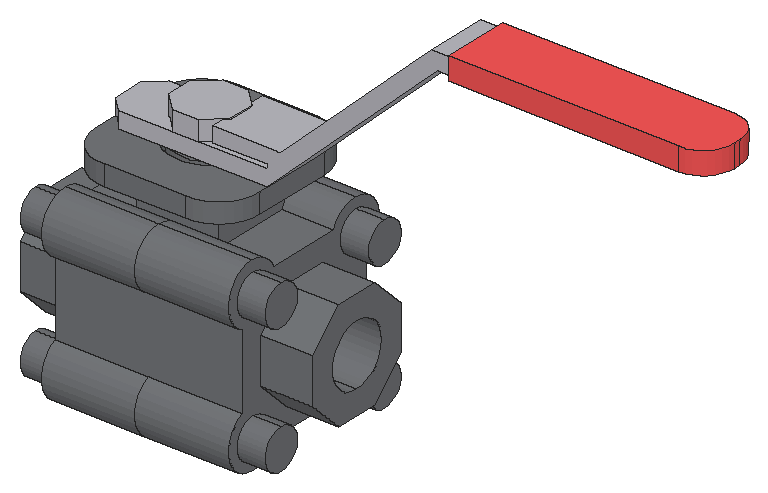
Revit family "321ACSW-Ball-Valve", category Pipe Accessories, Revit 2018
Family settings
  Round Connector Dimension = Use Diameter
  Part Type = Valve - Breaks Into
  OmniClass Number = 23.60.30.11.14
  OmniClass Title = Pipework Fittings
  Work Plane-Based = No
  Always vertical = Yes
  Cut with Voids When Loaded = No
  Shared = No
Parameters
  Z4 [instance] = size_lookup(LookupTable, "Z4", 0.000", Nominal Diameter)  # 0.800"
  Z3 [instance] = size_lookup(LookupTable, "Z3", 0.000", Nominal Diameter)  # 0.200"
  Weight [instance] = size_lookup(LookupTable, "Weight", "NA", Nominal Diameter)  # "2.29 lbs."
  URL = "http://www.fnw.com"
  Standards Lookup Table = "Standards"  # constant formula
  R3 [instance] = size_lookup(LookupTable, "R3", 0.000", Nominal Diameter)  # 0.91924"
  Product ID Handle [instance] = "NA"
  Product ID [instance] = size_lookup(LookupTable, "ProductID", "NA", Nominal Diameter)  # "4106228"
  Pipe Diameter [instance] = size_lookup(Standards Lookup Table, "copper", 0.000", Nominal Diameter)  # 0.625"
  Pins [instance] = Lm / 2  # 0.650"
  Pin Length [instance] = X2 * 4 + X3  # 2.4726"
  Pin Diameter [instance] = size_lookup(LookupTable, "m", 0.000", Nominal Diameter)  # 0.400"
  Pin Bung [instance] = Pin Diameter * 1.5  # 0.600"
  Part Number Handle [instance] = "NA"
  Part Number [instance] = size_lookup(LookupTable, "PartNumber", "NA", Nominal Diameter)  # "FNW321ACSWD"
  PIpe Radius [instance] = Pipe Diameter / 2  # 0.3125"
  Insert [instance] = size_lookup(LookupTable, "insert", 0.000", Nominal Diameter)  # 0.430"
  Manufacturer = "FNW"  # constant formula
  Lm [instance] = size_lookup(LookupTable, "lm", 0.000", Nominal Diameter)  # 1.300"
  Grip Pin4 [instance] = X3 / 2 + (X2 * 2)  # 1.2363"
  Gear [instance] = D3_Half - 0.063"  # 0.3495"
  Description BOM Handle [instance] = "NA"
  Description BOM [instance] = size_lookup(LookupTable, "Description_BOM", "NA", Nominal Diameter)  # "1/2 CS Stainless Steel 2000# 250# Steam Socket Weld 3 Piece"
  Z2 [instance] = size_lookup(LookupTable, "Z2", 0.000", Nominal Diameter)  # 0.300"
  Z1 [instance] = size_lookup(LookupTable, "Z1", 0.000", Nominal Diameter)  # 0.920"
  X3 [instance] = size_lookup(LookupTable, "X3", 0.000", Nominal Diameter)  # 1.2926"
  X2 [instance] = size_lookup(LookupTable, "X2", 0.000", Nominal Diameter)  # 0.295"
  X1 [instance] = size_lookup(LookupTable, "X1", 0.000", Nominal Diameter)  # 0.5337"
  Show Lever Clearance [instance] = no
  R2 [instance] = size_lookup(LookupTable, "R2", 0.000", Nominal Diameter)  # 0.71924"
  R1_Diam [instance] = R1 * 2  # 1.100"
  R1 [instance] = size_lookup(LookupTable, "R1", 0.000", Nominal Diameter)  # 0.550"
  Nominal Radius [instance] = Nominal Diameter / 2  # 0.250"
  Nominal Diameter [instance] = 0.500"
  LookupTable = "321ACSW-Ball-Valve"  # constant formula
  HexAngle1 [instance] = 135.00°  # constant formula
  D4 [instance] = size_lookup(LookupTable, "D4", 0.000", Nominal Diameter)  # 0.375"
  D3_Half [instance] = D3 / 2  # 0.4125"
  D3 [instance] = size_lookup(LookupTable, "D3", 0.000", Nominal Diameter)  # 0.825"
  D2_Half [instance] = D2 / 2  # 0.61875"
  D2 [instance] = size_lookup(LookupTable, "D2", 0.000", Nominal Diameter)  # 1.2375"
  D1_Half [instance] = D1 / 2  # 0.825"
  D1 [instance] = size_lookup(LookupTable, "D1", 0.000", Nominal Diameter)  # 1.650"
  Body_W [instance] = Lm / 2 + 0.125"  # 0.775"
  1_Z2 [instance] = size_lookup(LookupTable, "1_Z2", 0.000", Nominal Diameter)  # 0.1644"
  1_Z1 [instance] = size_lookup(LookupTable, "1_Z1", 0.000", Nominal Diameter)  # 1.65435"
  1_Y1 [instance] = size_lookup(LookupTable, "1_Y1", 0.000", Nominal Diameter)  # 0.625"
  1_X6 [instance] = size_lookup(LookupTable, "1_X6", 0.000", Nominal Diameter)  # 0.375"
  1_X5 [instance] = size_lookup(LookupTable, "1_X5", 0.000", Nominal Diameter)  # 0.375"
  1_X4 [instance] = size_lookup(LookupTable, "1_X4", 0.000", Nominal Diameter)  # 0.825"
  1_X3 [instance] = size_lookup(LookupTable, "1_X3", 0.000", Nominal Diameter)  # 5.310"
  1_X2 [instance] = size_lookup(LookupTable, "1_X2", 0.000", Nominal Diameter)  # 1.65435"
  1_X1 [instance] = size_lookup(LookupTable, "1_X1", 0.000", Nominal Diameter)  # 1.650"
Reference planes (in)
  plane 1 "Center (Front/Back)": y = 0
  plane 2: z = 0
  plane 3 "Center (Left/Right)": x = 0
  plane 4 "X7 End": x = -1.475
  plane 5: x = -0.6463
  plane 6: x = 0.6463
  plane 7 "Pipe radius": z = 0.3125
  plane 8: z = 0.55
  plane 9: z = 0.92
  plane 10: z = 1.22
  plane 11 "top of pad": z = 1.42
  plane 12: x = 0.9413
  plane 13: x = -1.045
  plane 14: y = -0.65
  plane 15: z = -0.65
  plane 16: z = 0.65
  plane 17: y = 0.65
  plane 18: x = 10.098
  plane 19: y = 2.5
  plane 20: y = -2.5
  plane 21: y = -0.65
  plane 22: z = -0.65
  plane 23: z = 0.65
  plane 24: y = 0.65
  plane 25: through (0, 0, 0) normal (0, 0.7071, -0.7071)
  plane 26: through (0, 0, 0) normal (0, 0.7071, 0.7071)
  plane 27: y = -0.65
  plane 28: y = 0.65
  plane 29: y = -1.465
  plane 30: z = -1.465
  plane 31: z = 1.465
  plane 32: y = 1.465
  plane 33 "Pin Plane": x = -1.2363
  plane 34 "NPT 3": x = 1.475
  plane 35: x = 1.2363
  plane 36: z = -1.27275
  plane 37 "LM": z = 1.27275
  plane 38: x = -0.9413
  plane 39: x = 1.045
Forms (in)
  Extrusion 1, solid, material "Steel, Black", not visible
    sketch origin (-1.0872, 0, 0) x (0, 0, 1) y (0, -1, 0)
      loop
        circle (0, 0) r 0.25
    from 0.0422 to 2.1322
  Extrusion 2, solid, material "Steel, Black"
    sketch origin (1.4276, 0, 0) x (0, 0, 1) y (0, -1, 0)
      loop
        line (-0.22782, -0.55) -> (0.22782, -0.55) -> (0.55, -0.22782) -> (0.55, 0.22782) -> (0.22782, 0.55) -> (-0.22782, 0.55) -> (-0.55, 0.22782) -> (-0.55, -0.22782) -> (-0.22782, -0.55)
      loop
        circle (0, 0) r 0.3125
    from -2.9026 to 0.0474
  Extrusion 3, solid, material "Steel, Black"
    sketch origin (0, 0, 0.865) x (-1, 0, 0) y (0, -1, 0)
      loop
        arc (0.40833, -0.825) -> (0.70296, -0.70296) -> (0.825, -0.40833) r 0.41667
        line (0.825, -0.40833) -> (0.825, 0.40833)
        arc (0.825, 0.40833) -> (0.70296, 0.70296) -> (0.40833, 0.825) r 0.41667
        line (0.40833, 0.825) -> (-0.40833, 0.825)
        arc (-0.40833, 0.825) -> (-0.70296, 0.70296) -> (-0.825, 0.40833) r 0.41667
        line (-0.825, 0.40833) -> (-0.825, -0.40833)
        arc (-0.825, -0.40833) -> (-0.70296, -0.70296) -> (-0.40833, -0.825) r 0.41667
        line (-0.40833, -0.825) -> (0.40833, -0.825)
      loop
        circle (0, 0) r 0.4125
      loop
        circle (0, 0) r 0.3495
    from 0.355 to 0.555
  Extrusion 4, solid, material "Steel, Black"
    sketch origin (0, 0, 0.865) x (-1, 0, 0) y (0, -1, 0)
      loop
        line (0.4125, -0.4125) -> (0.4125, 0.4125) -> (-0.4125, 0.4125) -> (-0.4125, -0.4125) -> (0.4125, -0.4125)
    from -0.5525 to 0.355
  Extrusion 5, solid, material "Steel, Black"
    sketch origin (0, 0, 0.865) x (-1, 0, 0) y (0, -1, 0)
      loop
        line (0.21875, -0.21875) -> (0.21875, 0.21875) -> (-0.21875, 0.21875) -> (-0.21875, -0.21875) -> (0.21875, -0.21875)
    from 0.055 to 0.555
  Extrusion 6, solid, material "Steel, Black"
    sketch origin (-1.0872, 0, 0) x (0, 0, 1) y (0, -1, 0)
      loop
        circle (0.65, 0.65) r 0.2
      loop
        circle (0.65, -0.65) r 0.2
      loop
        circle (-0.65, -0.65) r 0.2
      loop
        circle (-0.65, 0.65) r 0.2
    from -0.1491 to 2.3235
  Extrusion 7, solid, material "Steel, Black"
    sketch origin (-1.0872, 0, 0) x (0, 0, 1) y (0, -1, 0)
      loop
        circle (0.65, -0.65) r 0.3
      loop
        circle (0.65, 0.65) r 0.3
      loop
        circle (-0.65, 0.65) r 0.3
      loop
        circle (-0.65, -0.65) r 0.3
    from 0.1459 to 1.0872
  Extrusion 8, solid, material "Steel, Black"
    sketch origin (-1.0872, 0, 0) x (0, 0, 1) y (0, -1, 0)
      loop
        circle (0.65, -0.65) r 0.3
      loop
        circle (0.65, 0.65) r 0.3
      loop
        circle (-0.65, 0.65) r 0.3
      loop
        circle (-0.65, -0.65) r 0.3
    from 1.0872 to 2.0285
  Extrusion 9, solid, material "Steel, Black"
    sketch origin (-1.2363, 0, 0) x (0, 0, 1) y (0, -1, 0)
      loop
        line (0.775, -0.775) -> (0.775, 0.775) -> (-0.775, 0.775) -> (-0.775, -0.775) -> (0.775, -0.775)
    from 0.295 to 2.1776
Cuts and joins
  joined: Extrusion 7, Extrusion 8, Extrusion 9
Dimensions and locks (in)
  "PIpe Radius": plane 7 "Pipe radius" to plane 2
  "R1": Extrusion 2 sketch curve to plane 1 "Center (Front/Back)"
  "R1": plane 1 "Center (Front/Back)" to Extrusion 2 sketch curve  (x5)
  "R1": plane 2 to Extrusion 2 sketch curve  (x2)
  "R1": plane 8 to plane 2
  "Z1": plane 9 to plane 2
  "Z2": plane 10 to plane 9
  "Z3": plane 11 "top of pad" to plane 10
  "D1_Half": Extrusion 3 sketch curve to plane 3 "Center (Left/Right)"
  "D1_Half": plane 3 "Center (Left/Right)" to Extrusion 3 sketch curve
  "D1_Half": plane 1 "Center (Front/Back)" to Extrusion 3 sketch curve
  "D1_Half": Extrusion 3 sketch curve to plane 1 "Center (Front/Back)"
  "D3_Half": Extrusion 4 sketch curve to plane 3 "Center (Left/Right)"
  "D3_Half": plane 3 "Center (Left/Right)" to Extrusion 4 sketch curve
  "D3_Half": plane 1 "Center (Front/Back)" to Extrusion 4 sketch curve  (x2)
  equal spacing: Extrusion 5 sketch curve, plane 1 "Center (Front/Back)", Extrusion 5 sketch curve
  Extrusion 5 sketch curve to Extrusion 5 sketch curve = 0.4375"  (x2)
  equal spacing: Extrusion 5 sketch curve, plane 3 "Center (Left/Right)", Extrusion 5 sketch curve
  "Pins": plane 2 to plane 16
  "Pins": plane 2 to plane 15
  "Pins": plane 1 "Center (Front/Back)" to plane 14
  "Pins": plane 17 to plane 1 "Center (Front/Back)"
  equal spacing: plane 19, plane 1 "Center (Front/Back)", plane 20
  plane 19 to plane 20 = 5.000"
  "Pins": plane 24 to plane 1 "Center (Front/Back)" to plane 21
  "Pins": plane 22 to plane 2 to plane 23
  plane 28 to plane 27 = 1.300"
  equal spacing: plane 28, plane 1 "Center (Front/Back)", plane 27
  "Lm": plane 28 to plane 27
  plane 32 to plane 29 = 2.930"
  plane 30 to plane 31 = 2.930"
  "X2": plane 12 to plane 6
  equal spacing: plane 6, plane 3 "Center (Left/Right)", plane 5
  "X3": plane 6 to plane 5
  "X1": plane 34 "NPT 3" to plane 12
  "Grip Pin4": Extrusion 6 to plane 3 "Center (Left/Right)"
  "X2": plane 35 to plane 12
  "Body_W": Extrusion 9 sketch curve to plane 2
  "Body_W": plane 1 "Center (Front/Back)" to Extrusion 9 sketch curve
  "Body_W": plane 2 to Extrusion 9 sketch curve
  "Body_W": Extrusion 9 sketch curve to plane 1 "Center (Front/Back)"
  "X2": plane 5 to plane 38
  "X2": plane 38 to plane 33 "Pin Plane"
  "X1": plane 38 to plane 4 "X7 End"
  "Insert": plane 4 "X7 End" to plane 13
  "Insert": plane 34 "NPT 3" to plane 39
  "Nominal Radius": radius of Extrusion 1 sketch curve
  "PIpe Radius": radius of Extrusion 2 sketch curve
  radius of Extrusion 3 sketch curve = 0.41667"  (x4)
  "D3_Half": radius of Extrusion 3 sketch curve
  "Gear": radius of Extrusion 3 sketch curve
  "Pin Diameter": diameter of Extrusion 6 sketch curve  (x4)
  "Pin Bung": diameter of Extrusion 7 sketch curve  (x4)
  "Pin Bung": diameter of Extrusion 8 sketch curve  (x4)
  angle Extrusion 2 sketch curve to Extrusion 2 sketch curve = 135.00°  (x7)
  aligned and locked: plane 2 to level
  aligned and locked: plane 4 "X7 End" to Extrusion 2
  aligned and locked: Extrusion 3 to plane 10
  aligned and locked: plane 11 "top of pad" to Extrusion 3
  aligned and locked: Extrusion 4 to plane 7 "Pipe radius"
  aligned and locked: Extrusion 1 to plane 13
  aligned and locked: plane 10 to Extrusion 4
  aligned and locked: Extrusion 5 to plane 9
  aligned and locked: plane 12 to Extrusion 8
  aligned and locked: Extrusion 2 to plane 34 "NPT 3"
  aligned and locked: plane 11 "top of pad" to Extrusion 5
  aligned and locked: Extrusion 6 to plane 33 "Pin Plane"
  aligned and locked: plane 3 "Center (Left/Right)" to Extrusion 7
  aligned and locked: Extrusion 8 to plane 3 "Center (Left/Right)"
  aligned and locked: cut or joined group of Extrusion 7, Extrusion 8, Extrusion 9 to plane 38  (x2)
  aligned and locked: plane 38 to cut or joined group of Extrusion 7, Extrusion 8, Extrusion 9
  aligned and locked: plane 39 to Extrusion 1
  aligned and locked: plane 12 to Extrusion 9
Automatic sketch dimensions
  Extrusion 1 sketch curve to level = 0.000"
  Extrusion 1 sketch curve to plane 1 "Center (Front/Back)" = 0.000"
  Extrusion 2 sketch curve to level = 0.000"
  Extrusion 2 sketch curve to plane 1 "Center (Front/Back)" = 0.000"
  Extrusion 3 sketch curve to Extrusion 3 sketch curve = 0.000"  (x2)
  plane 1 "Center (Front/Back)" to Extrusion 3 sketch curve = 0.000"
  Extrusion 3 sketch curve to plane 3 "Center (Left/Right)" = 0.000"
  Extrusion 6 sketch curve to plane 15 = 0.000"  (x2)
  Extrusion 6 sketch curve to plane 14 = 0.000"  (x2)
  plane 16 to Extrusion 6 sketch curve = 0.000"  (x2)
  Extrusion 6 sketch curve to plane 17 = 0.000"  (x2)
  Extrusion 7 sketch curve to plane 21 = 0.000"  (x2)
  Extrusion 7 sketch curve to plane 22 = 0.000"  (x2)
  plane 23 to Extrusion 7 sketch curve = 0.000"  (x2)
  Extrusion 7 sketch curve to plane 24 = 0.000"  (x2)
  plane 25 to Extrusion 8 sketch curve = 0.000"  (x2)
  Extrusion 8 sketch curve to plane 27 = 0.000"  (x2)
  plane 26 to Extrusion 8 sketch curve = 0.000"  (x2)
  Extrusion 8 sketch curve to plane 28 = 0.000"  (x2)
Nested families (in)
  nested 1: "Nested Lever Lock_Red_321ACW" at (0, 0, 1.42), Show Lever Clearance <- "Show Lever Clearance", Description BOM <- "Description BOM Handle", Part Number <- "Part Number Handle", Product ID <- "Product ID Handle", Z3 <- "Z3", 1_X2 <- "1_X2", 1_X3 <- "1_X3", 1_X4 <- "1_X4", 1_X6 <- "1_X6", 1_Y1 <- "1_Y1", 1_Z1 <- "1_Z1", 1_Z2 <- "1_Z2", 1_X1 <- "1_X1", D3 <- "D3", type "Nested Lever Lock_Red_321ACW"
    with Z3 0.200", Z1_Z2 0.90938", Void_Outer_Radius 0.375", Void_Outer 0.750", Tab_Width 0.375", Tab_Height_Center 0.82718", Tab Lock 0.19565", Show Lever Clearance no, Product ID "NA", Part Number "NA", Lock_Tab_Width 0.875", Hypotenuse_Tab_Center 1.1698", Grip_L3 0.2269", Grip_L2 0.19565", Grip_L1 0.03125", Description BOM "NA", D3_Half 0.275", D3 0.825", Clearance Hieght 6.000", Angle Hex Head 135.00°, Ang_Constraint 39.81°, 1_Z2_Half 0.0822", 1_Z2 0.1644", 1_Z1_Quarter 0.49579", 1_Z1 1.65435", 1_Y1_Half 0.3125", 1_Y1 0.625", 1_X6_Half 0.375", 1_X6 0.375", 1_X4 0.825", 1_X3_and_1__Y1_Half 5.6225", 1_X3 5.310", 1_X2_Quarter 0.41359", 1_X2_Half 0.82718", 1_X2 1.65435", 1_X1 1.650", 0Grip 2.125"
Connectors (in)
  piping at (-1.045, 0, 0), diameter 0.5, driven by "Nominal Diameter"
    settings: on Extrusion 1, index 1, connector inside diameter 24", connector length 0.000", flow factor 0, pipe flow 0 GPM, pressure drop 0.00 psi, fitting loss kfactor 0, connector angle 0.00°, fixture units 0, engagement length 0.000", angle of deflection 0.00°, flow configuration 0, flow direction 0, fitting loss method 0, system type 7, joint type 0, gender type 0, connector reference index 2, connector utility 0, adjustable connector no, is connector primary yes, connector description ""
  piping at (1.045, 0, 0), diameter 0.5, driven by "Nominal Diameter"
    settings: on Extrusion 1, index 2, connector inside diameter 24", connector length 0.000", flow factor 0, pipe flow 0 GPM, pressure drop 0.00 psi, fitting loss kfactor 0, connector angle 0.00°, fixture units 0, engagement length 0.000", angle of deflection 0.00°, flow configuration 0, flow direction 0, fitting loss method 0, system type 7, joint type 0, gender type 0, connector reference index 1, connector utility 0, adjustable connector no, is connector primary no, connector description ""
Definition of nested family "Nested Lever Lock_Red_321ACW"
  Parameters (values of type "Nested Lever Lock_Blue_320A")
    Z3 [instance] = 0.125"
    Z1_Z2 [instance] = ([1_Z1] + [1_Z2]) / 2  # 0.6875"
    Tab_Width [instance] = [1_Y1_Half] + (Grip_L1 * 2)  # 1.0625"
    Tab_Height_Center [instance] = [1_Z1] / 2  # 0.625"
    Tab Lock [instance] = [1_Z2] + 0.03125"  # 0.15625"
    Product ID [instance] = ""
    Part Number [instance] = ""
    Lock_Tab_Width [instance] = [1_Y1] + 0.250"  # 2.250"
    Hypotenuse_Tab_Center [instance] = sqrt(Tab_Height_Center ^ 2 + [1_X2_Half] ^ 2)  # 0.97628"
    Description BOM [instance] = ""
    Angle 2 = 45.00°  # constant formula
    Ang_Constraint [instance] = 39.81°  # constant formula
    1_Z2 [instance] = 0.125"
    1_Z1_Quarter [instance] = [1_Z1] / 4 + ([1_Z2_Half])  # 0.375"
    1_Z1 [instance] = 1.250"
    1_Y1_Half [instance] = [1_Y1] / 2  # 1.000"
    1_Y1 [instance] = 2.000"
    1_X6_Half [instance] = [1_X6]  # 1.000"
    1_X6 [instance] = 1.000"
    1_X2_Quarter [instance] = [1_X2] / 4  # 0.375"
    1_X2_Half [instance] = [1_X2] / 2  # 0.750"
    1_X1 [instance] = 2.500"
    1_X3_and_1__Y1_Half [instance] = [1_X3] + [1_Y1_Half]  # 13.66198"
    1_X3 [instance] = 12.66198"
    1_X2 [instance] = 1.500"
    Void_Outer_Radius [instance] = Void_Outer / 2  # 1.0625"
    Void_Outer [instance] = [1_Y1] + Grip_L1 * 4  # 2.125"
    Show Lever Clearance [instance] = yes
    Grip_L3 [instance] = Grip_L1 + Grip_L2  # 0.1875"
    Grip_L1 [instance] = 0.03125"  # constant formula
    Grip_L2 [instance] = [1_Z2] + Grip_L1  # 0.15625"
    Default Elevation = 48.000"
    D3_Half [instance] = D3 / 3  # 0.23251"
    D3 [instance] = 0.69752"
    Clearance Hieght [instance] = 6.000"  # constant formula
    Angle Hex Head [instance] = 135.00°  # constant formula
    1_X4 [instance] = 1.100"
    1_Z2_Half [instance] = [1_Z2] / 2  # 0.0625"
    0Grip [instance] = 2.125"  # constant formula
  Reference planes (in)
    plane 1 "Center (Front/Back)": y = 0
    plane 2: z = 0
    plane 3 "Center (Left/Right)": x = 0
    plane 4: z = 0.125
    plane 5: x = -1.1
    plane 6: x = 12.66198
    plane 7: y = 1
    plane 8: y = -1
    plane 9: x = 1.4
    plane 10: x = 2.9
    plane 11: z = 1.375
    plane 12: z = 1.25
    plane 13: z = 0.25
    plane 14: z = 1.40625
    plane 15: z = 1.21875
    plane 16: x = 3.05625
    plane 17: y = 1.03125
    plane 18: y = -1.03125
    plane 19: z = -1.125
    plane 20: y = 0.5
    plane 21: y = -0.5
    plane 22: x = -1.225
    plane 23: x = 2.15
    plane 24: x = 1.775
    plane 25: x = 0.23251
    plane 26: z = 0.28125
  Forms (in)
    Extrusion 1, solid
      sketch origin (0, 0, 0) x (1, 0, 0) y (0, 1, 0)
        loop
          line (-48, 48) -> (-48, -48) -> (48, -48) -> (48, 48) -> (-48, 48)
      from 0 to -12
    Extrusion 2, solid
      sketch origin (0, 0, 0) x (1, 0, 0) y (0, 0, 1)
        loop
          line (1.54878, 0.28125) -> (0.23251, 0.28125) -> (0.23251, 0.16925) -> (1.4, 0.16925) -> (1.4, 0) -> (2.94425, 1.25) -> (4.05625, 1.25) -> (4.05625, 1.375) -> (2.9, 1.375) -> (1.54878, 0.28125)
      from -1 to 1
    Extrusion 3, solid
      sketch origin (0, 0, 0) x (1, 0, 0) y (0, 1, 0)
        loop
          line (1, 0.41421) -> (0.41421, 1) -> (-0.41421, 1) -> (-1, 0.41421) -> (-1, -0.41421) -> (-0.41421, -1) -> (0.41421, -1) -> (1, -0.41421) -> (1, 0.41421)
      from 0.125 to 0.25
    Extrusion 4, solid
      sketch origin (0, 0, 0) x (1, 0, 0) y (0, 1, 0)
        loop
          line (11.66198, 1.03125) -> (3.05625, 1.03125) -> (3.05625, -1.03125) -> (11.66198, -1.03125)
          arc (11.66198, -1.03125) -> (12.36908, -0.73836) -> (12.66198, -0.03125) r 1
          line (12.66198, -0.03125) -> (12.66198, 0.03125)
          arc (12.66198, 0.03125) -> (12.36908, 0.73836) -> (11.66198, 1.03125) r 1
      from 1.21875 to 1.40625
    Extrusion 5, solid, visible <- "Show Lever Clearance"
      sketch origin (0, 0, 0) x (1, 0, 0) y (0, 1, 0)
        loop
          line (-1.1, 1) -> (-1.1, -12.66198)
          arc (-1.1, -12.66198) -> (8.56048, -8.66048) -> (12.56198, 1) r 13.66198
          line (12.56198, 1) -> (-1.1, 1)
      from 0 to 6 <- "Clearance Hieght"
    Extrusion 6, solid
      sketch origin (0, 0, 0) x (1, 0, 0) y (0, 1, 0)
        loop
          line (1.4, -1) -> (1.4, 1) -> (-0.6, 1) -> (-1.1, 0.5) -> (-1.1, -0.5) -> (-0.6, -1) -> (1.4, -1)
      from 0 to 0.125
  Cuts and joins
    joined: Extrusion 2, Extrusion 6
  Lines and regions (in)
    reference lines
      curve 1: line (0, 0, 3.39657) -> (0, 0, -1.625)
  Dimensions and locks (in)
    "1_Z2": plane 4 to plane 2
    "1_X4": plane 3 "Center (Left/Right)" to plane 5
    "1_X3": plane 6 to plane 3 "Center (Left/Right)"
    equal spacing: plane 7, plane 1 "Center (Front/Back)", plane 8
    "1_Y1": plane 7 to plane 8
    "1_X1": plane 9 to plane 5
    "1_X2": plane 10 to plane 9
    "1_Z1": plane 11 to plane 4
    "1_Z2": plane 11 to plane 12
    equal spacing: Extrusion 3 sketch curve, curve 1, Extrusion 3 sketch curve  (x4)
    "1_Y1": Extrusion 3 sketch curve to Extrusion 3 sketch curve  (x4)
    "Z3": plane 13 to plane 4
    "Grip_L1": plane 14 to plane 11
    "Grip_L2": plane 11 to plane 15
    "Grip_L2": plane 16 to plane 10
    "Grip_L1": plane 8 to plane 18
    "Grip_L1": plane 17 to plane 7
    "1_Y1_Half": plane 16 to Extrusion 2
    "1_X3_and_1__Y1_Half": Extrusion 5 sketch curve to Extrusion 5 sketch curve  (x2)
    equal spacing: Extrusion 6 sketch curve, plane 1 "Center (Front/Back)", Extrusion 6 sketch curve
    "1_Y1_Half": Extrusion 6 sketch curve to Extrusion 6 sketch curve
    equal spacing: plane 21, plane 1 "Center (Front/Back)", plane 20
    "1_Y1_Half": plane 21 to plane 20
    "1_Z2": plane 5 to plane 22
    "1_X2_Half": plane 23 to plane 9
    "1_X2_Quarter": plane 24 to plane 9
    "D3_Half": plane 25 to plane 3 "Center (Left/Right)"
    "1_Z2": Extrusion 2 sketch curve to Extrusion 2 sketch curve
    "Tab Lock": plane 26 to plane 4
    "1_Y1_Half": radius of Extrusion 4 sketch curve  (x2)
    "1_X3_and_1__Y1_Half": radius of Extrusion 5 sketch curve
    "Angle Hex Head": angle Extrusion 3 sketch curve to Extrusion 3 sketch curve  (x6)
    "Angle 2": angle plane 5 to Extrusion 6 sketch curve
    "Angle 2": angle Extrusion 6 sketch curve to plane 5
    aligned and locked: plane 2 to Extrusion 1
    aligned and locked: level to Extrusion 1
    aligned and locked: plane 10 to Extrusion 2 sketch curve
    aligned and locked: plane 12 to Extrusion 2 sketch curve
    aligned and locked: plane 11 to Extrusion 2 sketch curve
    aligned and locked: curve 1 to plane 3 "Center (Left/Right)"
    aligned and locked: plane 4 to Extrusion 3
    aligned and locked: Extrusion 3 to plane 13
    aligned and locked: Extrusion 4 sketch curve to plane 16
    aligned and locked: Extrusion 4 sketch curve to plane 18
    aligned and locked: plane 17 to Extrusion 4 sketch curve
    aligned and locked: Extrusion 4 to plane 15
    aligned and locked: Extrusion 4 to plane 14
    aligned and locked: Extrusion 2 to plane 8
    aligned and locked: plane 7 to Extrusion 2
    aligned and locked: Extrusion 2 sketch curve to plane 9
    aligned and locked: plane 9 to Extrusion 6 sketch curve
    aligned and locked: Extrusion 6 sketch curve to plane 5
    aligned and locked: Extrusion 6 to plane 4
    aligned and locked: Extrusion 2 sketch curve to plane 25
    aligned and locked: Extrusion 2 to plane 26
  Automatic sketch dimensions
    Extrusion 1 sketch curve to Extrusion 1 sketch curve = 96.000"  (x2)
    plane 19 to curve 1 = 0.500"
    plane 14 to curve 1 = 1.99032"
    Extrusion 2 sketch curve to plane 26 = 0.000"
    Extrusion 2 sketch curve to level = 0.000"
    plane 16 to Extrusion 2 sketch curve = 1.000"
    Extrusion 2 sketch curve to plane 4 = 0.04425"
    Extrusion 4 sketch curve to plane 6 = 0.000"
    Extrusion 5 sketch curve to plane 5 = 0.000"
    Extrusion 5 sketch curve to plane 7 = 0.000"
    Extrusion 6 sketch curve to plane 8 = 0.000"
    Extrusion 6 sketch curve to plane 7 = 0.000"
